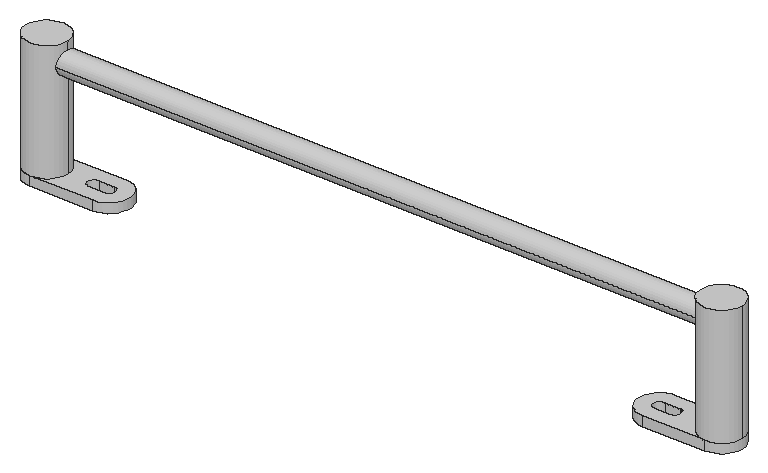
Revit family "LIANO II HAND WALL BASIN INTEGRATED TOWEL RAIL", category Specialty Equipment, host Face, Revit 2020
Family settings
  Host = Face
  Round Connector Dimension = Use Radius
  Part Type = Normal
  OmniClass Number = 23.40.20.21.27
  OmniClass Title = Towel Bars
  Cut with Voids When Loaded = No
  Shared = No
  Room Calculation Point = No
Parameters (values of type "LIANO II HAND WALL BASIN INTEGRATED TOWEL RAIL - CHROME")
  URL = "https://www.caroma.com.au/"
  Model = "96457C"
  Material_Base = GWA_Metal-Chrome
  Manufacturer = "GWA Bathrooms & Kitchens"  # constant formula
  Description = "LIANO II HAND WALL BASIN INTEGRATED TOWEL RAIL - CHROME"
  Default Elevation = 1000.00 mm
  CreatedBy_ANZRS = "GWA Bathrooms & Kitchens"  # constant formula
  Assembly Code = "C1030220"
Types (7, lengths in mm): name | Model | Material_Base | Description
  (no name) | "96457C" | GWA_Metal-Chrome | "LIANO II HAND WALL BASIN INTEGRATED TOWEL RAIL - CHROME"
  LIANO II HAND WALL BASIN INTEGRATED TOWEL RAIL - CHROME | "96457C" | GWA_Metal-Chrome | "LIANO II HAND WALL BASIN INTEGRATED TOWEL RAIL - CHROME"
  LIANO II HAND WALL BASIN INTEGRATED TOWEL RAIL - MATTE BLACK | "96457B" | GWA-Metal-Black | "LIANO II HAND WALL BASIN INTEGRATED TOWEL RAIL - MATTE BLACK"
  LIANO II HAND WALL BASIN INTEGRATED TOWEL RAIL - BRUSHED NICKEL | "96457BN" | GWA_Metal-Brushed-Nickel | "LIANO II HAND WALL BASIN INTEGRATED TOWEL RAIL - BRUSHED NICKEL"
  LIANO II HAND WALL BASIN INTEGRATED TOWEL RAIL - BRUSHED BRASS | "96457BB" | GWA_Metal-Brushed-Brass | "LIANO II HAND WALL BASIN INTEGRATED TOWEL RAIL - BRUSHED BRASS"
  LIANO II HAND WALL BASIN INTEGRATED TOWEL RAIL - GUNMETAL | "96457GM" | GWA-Metal-Gunmetal Grey | "LIANO II HAND WALL BASIN INTEGRATED TOWEL RAIL - GUNMETAL"
  LIANO II HAND WALL BASIN INTEGRATED TOWEL RAIL - BRUSHED BRONZE | "96457BBZ" | GWA_Metal-Brushed-Bronze | "LIANO II HAND WALL BASIN INTEGRATED TOWEL RAIL - BRUSHED BRONZE"
Reference planes
  plane 1 "Center (Front/Back)": y = 0
  plane 2: z = 0
  plane 3 "Center (Left/Right)": x = 0
Forms (mm)
  Extrusion 1, solid, material "GWA_Metal-Chrome" <- "Material_Base"
    sketch origin (-5, 0, 0) x (1, 0, 0) y (0, 1, 0)
      loop
        arc (151, 11) -> (140, 0) -> (151, -11) r 11
        line (151, -11) -> (184, -11)
        arc (184, -11) -> (195, 0) -> (184, 11) r 11
        line (184, 11) -> (151, 11)
      loop
        arc (151, 3.25) -> (147.75, 0) -> (151, -3.25) r 3.25
        line (151, -3.25) -> (159, -3.25)
        arc (159, -3.25) -> (162.25, 0) -> (159, 3.25) r 3.25
        line (159, 3.25) -> (151, 3.25)
    from 0 to 5
  Extrusion 2, solid, material "GWA_Metal-Chrome" <- "Material_Base"
    sketch origin (5, 0, 0) x (-1, 0, 0) y (0, -1, 0)
      loop
        line (151, -11) -> (184, -11)
        arc (184, -11) -> (195, 0) -> (184, 11) r 11
        line (184, 11) -> (151, 11)
        arc (151, 11) -> (140, 0) -> (151, -11) r 11
      loop
        line (151, -3.25) -> (159, -3.25)
        arc (159, -3.25) -> (162.25, 0) -> (159, 3.25) r 3.25
        line (159, 3.25) -> (151, 3.25)
        arc (151, 3.25) -> (147.75, 0) -> (151, -3.25) r 3.25
    from 0 to 5
  Extrusion 3, solid, material "GWA_Metal-Chrome" <- "Material_Base"
    sketch origin (0, 0, 0) x (1, 0, 0) y (0, 1, 0)
      loop
        circle (-179, 0) r 11
      loop
        circle (179, 0) r 11
    from 5 to 68
  Extrusion 4, solid, material "GWA_Metal-Chrome" <- "Material_Base"
    sketch origin (0, 0, 0) x (0, 1, 0) y (0, 0, 1)
      loop
        circle (0, 58) r 6
    from -179 to 179
Cuts and joins
  joined: Extrusion 1, Extrusion 2, Extrusion 3, Extrusion 4
Lines and regions (mm)
  Masking region 1
    outline origin (0, 0, 0) x (1, 0, 0) y (0, 0, 1)
      loop
        line (-168, 5) -> (-168, 52) -> (168, 52) -> (168, 5) -> (135, 5) -> (135, 0) -> (190, 0) -> (190, 68) -> (168, 68) -> (168, 64) -> (-168, 64) -> (-168, 68) -> (-190, 68) -> (-190, 0) -> (-135, 0) -> (-135, 5) -> (-168, 5)
  Masking region 2
    outline origin (300, 0, 0) x (0, 1, 0) y (0, 0, 1)
      loop
        line (-11, 68) -> (-11, 0) -> (11, 0) -> (11, 68) -> (-11, 68)
  Masking region 3
    outline origin (0, 0, 0) x (1, 0, 0) y (0, 1, 0)
      loop
        arc (-136.78, 6) -> (-140.756, 9.67) -> (-146, 11) r 11
        line (-146, 11) -> (-179, 11)
        arc (-179, 11) -> (-190, 0) -> (-179, -11) r 11
        line (-179, -11) -> (-146, -11)
        arc (-146, -11) -> (-140.756, -9.67) -> (-136.78, -6) r 11
        line (-136.78, -6) -> (136.78, -6)
        arc (136.78, -6) -> (140.756, -9.67) -> (146, -11) r 11
        line (146, -11) -> (179, -11)
        arc (179, -11) -> (190, 0) -> (179, 11) r 11
        line (179, 11) -> (146, 11)
        arc (146, 11) -> (140.756, 9.67) -> (136.78, 6) r 11
        line (136.78, 6) -> (-136.78, 6)
  symbolic lines
    curve 1: line (-135, 0, 0) -> (-190, 0, 0)
    curve 2: line (-190, 0, 0) -> (-190, 0, 68)
    curve 3: line (-190, 0, 68) -> (-168, 0, 68)
    curve 4: line (-168, 0, 68) -> (-168, 0, 64)
    curve 5: line (-168, 0, 5) -> (-135, 0, 5)
    curve 6: line (-168, 0, 5) -> (-179, 0, 5)
    curve 7: line (-168, 0, 52) -> (168, 0, 52)
    curve 8: line (-168, 0, 64) -> (168, 0, 64)
    curve 9: line (135, 0, 0) -> (190, 0, 0)
    curve 10: line (190, 0, 0) -> (190, 0, 68)
    curve 11: line (190, 0, 68) -> (168, 0, 68)
    curve 12: line (168, 0, 68) -> (168, 0, 64)
    curve 13: line (168, 0, 5) -> (135, 0, 5)
    curve 14: line (168, 0, 5) -> (179, 0, 5)
    curve 15: arc (-168, 0, 64) -> (-169.78, 0, 58) -> (-168, 0, 52) r 11
    curve 16: arc (168, 0, 64) -> (169.78, 0, 58) -> (168, 0, 52) r 11
    curve 17: line (-135, 0, 5) -> (-135, 0, 0)
    curve 18: line (135, 0, 5) -> (135, 0, 0)
    curve 19: line (-168, 0, 52) -> (-168, 0, 5)
    curve 20: line (168, 0, 52) -> (168, 0, 5)
    curve 21: line (300, -11, 68) -> (300, 11, 68)
    curve 22: line (300, -11, 0) -> (300, -11, 68)
    curve 23: line (300, 11, 0) -> (300, -11, 0)
    curve 24: line (300, 11, 68) -> (300, 11, 0)
    curve 25: circle (-179, 0, 0) r 11 normal (0, 0, 1)
    curve 26: circle (179, 0, 0) r 11 normal (0, 0, 1)
    curve 27: line (169.78, -6, 0) -> (-169.78, -6, 0)
    curve 28: line (169.78, 6, 0) -> (-169.78, 6, 0)
    curve 29: line (-146, 11, 0) -> (-179, 11, 0)
    curve 30: line (-179, -11, 0) -> (-146, -11, 0)
    curve 31: arc (-146, -11, 0) -> (-140.756, -9.67, 0) -> (-136.78, -6, 0) r 11
    curve 32: line (179, 11, 0) -> (146, 11, 0)
    curve 33: arc (146, 11, 0) -> (140.756, 9.67, 0) -> (136.78, 6, 0) r 11
    curve 34: line (146, -11, 0) -> (179, -11, 0)
    curve 35: arc (-136.78, 6, 0) -> (-140.756, 9.67, 0) -> (-146, 11, 0) r 11
    curve 36: arc (136.78, -6, 0) -> (140.756, -9.67, 0) -> (146, -11, 0) r 11
Dimensions and locks
  aligned and locked: plane 2 to host face
  aligned and locked: level to host face
